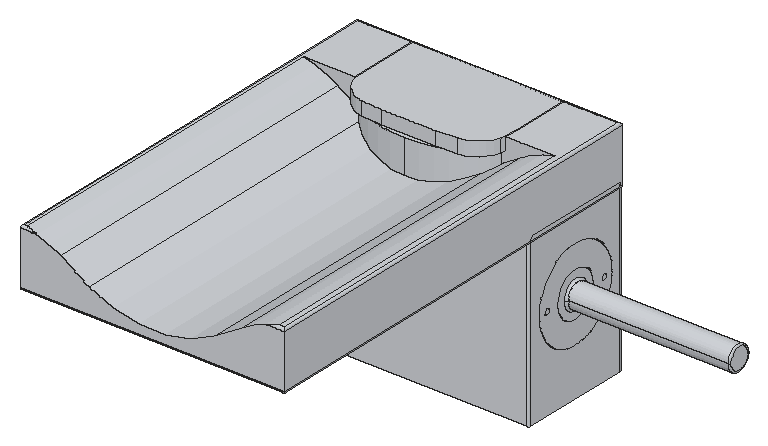
Revit family "Faucet-Lavatory-KOHLER-BEITOU-K-99856T", category Plumbing Fixtures, host Face, Revit 2017
Family settings
  Host = Face
  Round Connector Dimension = Use Diameter
  Part Type = Normal
  OmniClass Number = 23.31.11.00
  OmniClass Title = Faucets
  Cut with Voids When Loaded = No
  Shared = No
  Room Calculation Point = No
Parameters (values of type "CP-Polished Chrome")
  Width = 4.13386"  # constant formula
  WaterSense Certified = 1 = 0  # no
  Waste Water Outlet = "Waste Water Outlet"  # constant formula
  Waste Connection = 1 = 0  # no
  Vent Connection = 1 = 0  # no
  URL = "https://www.kohler.com.cn/"
  Type = 1
  Spout Reach = Length  # 5.66929"
  Product Page URL = "https://www.kohler.com.cn/product/K-99856T/K-99856T-4-CP/"
  Product Name = "BEITOU"  # constant formula
  Product Documentation Link = "https://files.kohler.com.cn/pdfs/1535448750306_99856T-4%2099858T-4.pdf"
  Pressure = 45.00 psi  # constant formula
  Model = "K-99856T-4-CP"  # constant formula
  Material = "Premium Metal Construction"  # constant formula
  Master Format 2014 Name = "Residential Faucets, Supplies, and Trim"  # constant formula
  Master Format 2014 = "22 41 39"  # constant formula
  Manufacturer Address = "Kohler Beijing Office (100016) 36-2-03-B, No. 88, Liuxiang Road, Beijing"  # constant formula
  Manufacturer = "KOHLER Co."  # constant formula
  Length = 5.66929"  # constant formula
  Hot Water Inlet = "Hot Water Inlet"  # constant formula
  Height = 3.46457"  # constant formula
  HW Connection = 1 = 1  # yes
  Flow Rate = 2.21 GPM  # constant formula
  Finish = Kohler-Metal-CP-Polished_Chrome
  Environmental Product Declaration = ""
  Drain Included = 1 = 1  # yes
  Description = "Manda Single Handle Basin Faucet"  # constant formula
  Default Elevation = 36"
  Declare Label = ""
  Date Modified = "08/26/2020"  # constant formula
  Date Created = "08/26/2020"  # constant formula
  Copyright = "Copyright KOHLER Co."  # constant formula
  Contact Us = "http://www.kohler.com.cn/contact/contact-us/"
  Cold Water Inlet = "Cold Water Inlet"  # constant formula
  CW Connection = 1 = 1  # yes
  Assembly Code = "D2010"
  ADA Compliant = 1 = 0  # no
Reference planes (in)
  plane 1 "Center (Front/Back)": y = 0
  plane 2: z = 0
  plane 3 "Center (Left/Right)": x = 0
  plane 4: z = 1.4645669
  plane 5: x = 4.6259843
  plane 6: z = 3.4645669
  plane 7: x = -2.0669291
  plane 8: x = 2.0669291
  plane 9: y = -5.6692913
  plane 10: y = 0.9055118
  plane 11: y = -0.9055118
  plane 12: x = 1.1023622
  plane 13: x = -1.1023622
Dimensions and locks (in)
  locked: plane 5 to plane 3 "Center (Left/Right)" at 4.6259843
  locked: plane 4 to level at 1.4645669
  locked: plane 9 to plane 1 "Center (Front/Back)" at 5.6692913
  locked: plane 1 "Center (Front/Back)" to plane 10 at 0.9055118
  locked: plane 11 to plane 10 at 1.8110236
  "Length": plane 1 "Center (Front/Back)" to plane 9
  "Height": plane 6 to level
  plane 10 to plane 11 = 1.81102"
  "Width": plane 7 to plane 8
  plane 6 to plane 4 = 2"
  aligned and locked: plane 2 to host face
  aligned and locked: level to host face
  aligned and locked: plane 3 "Center (Left/Right)" to nested 1
  aligned and locked: plane 1 "Center (Front/Back)" to nested 1
  aligned and locked: host face to nested 1
  aligned and locked: plane 4 to nested 1
  aligned and locked: plane 5 to nested 1
  aligned and locked: plane 6 to nested 1
  aligned and locked: plane 7 to nested 1
  aligned and locked: plane 9 to nested 1
  aligned and locked: plane 10 to nested 1
  aligned and locked: plane 12 to nested 1
Automatic sketch dimensions
  host sketch curve to host sketch curve = 96"  (x2)
Nested families (in)
  nested 1: "K-99856T" at (0, 0, -7.2795276), type "K-99856T"
Connectors (in)
  piping at (-1.1023622, 0, 0.1348041), diameter 0.5, driven by "Flow Rate", driven by "HW Connection", driven by "Hot Water Inlet", driven by "Pressure"
    settings: on nested 1, index 1, connector inside diameter 24", connector length 0", flow factor 0, pipe flow 2.21 GPM, pressure drop 45.00 psi, fitting loss kfactor 0, connector angle 0.00°, fixture units 0, engagement length 0", angle of deflection 0.00°, flow configuration 1, flow direction 1, fitting loss method 4, system type 19, joint type 0, gender type 0, connector reference index -1, connector utility 1, adjustable connector no, is connector primary yes, connector description "Hot Water Inlet"
  piping at (1.1023622, 0, 0), diameter 0.5, driven by "Flow Rate", driven by "CW Connection", driven by "Cold Water Inlet", driven by "Pressure"
    settings: on nested 1, index 2, connector inside diameter 24", connector length 0", flow factor 0, pipe flow 2.21 GPM, pressure drop 45.00 psi, fitting loss kfactor 0, connector angle 0.00°, fixture units 0, engagement length 0", angle of deflection 0.00°, flow configuration 1, flow direction 1, fitting loss method 4, system type 20, joint type 0, gender type 0, connector reference index -1, connector utility 1, adjustable connector no, is connector primary no, connector description "Cold Water Inlet"
Definition of nested family "K-99856T"
  Parameters (values of type "K-99856T")
    Material = none
  Reference planes (in)
    plane 1 "Center (Front/Back)": y = 0
    plane 2: z = 0
    plane 3 "Center (Left/Right)": x = 0
    plane 4: y = 0.9055118
    plane 5: y = -0.9055118
    plane 6: x = -2.0669291
    plane 7: x = 2.0669291
    plane 8: x = 4.6259843
    plane 9: z = 10.7440945
    plane 10: z = 8.7440945
    plane 11: y = -5.6692913
    plane 12: z = 7.2795276
    plane 13: x = -0.6108658
    plane 14: x = 0.6108658
    plane 15: x = -1.1023622
    plane 16: x = 1.1023622
  Forms (in)
    Sweep 1, solid, material <- "Material", detail levels medium+fine
      path origin (0, 0, 0) x (0, 1, 0) y (0, 0, 1)
        loop
          line (0.9055118, 7.2795276) -> (0.9055118, 9.9212598)
      profile origin (0, 0.9055118, 8.6003937) x (0, -1, 0) y (1, 0, 0)
        loop
          arc (0, -2.0275591) -> (0.0115312, -2.0553979) -> (0.0393701, -2.0669291) r 0.0393701
          line (0.0393701, -2.0669291) -> (1.7716535, -2.0669291)
          arc (1.7716535, -2.0669291) -> (1.7994924, -2.0553979) -> (1.8110236, -2.0275591) r 0.0393701
          line (1.8110236, -2.0275591) -> (1.8110236, 2.0275591)
          arc (1.8110236, 2.0275591) -> (1.7994924, 2.0553979) -> (1.7716535, 2.0669291) r 0.0393701
          line (1.7716535, 2.0669291) -> (0.0393701, 2.0669291)
          arc (0.0393701, 2.0669291) -> (0.0115312, 2.0553979) -> (0, 2.0275591) r 0.0393701
          line (0, 2.0275591) -> (0, -2.0275591)
    Sweep 2, solid, material <- "Material", detail levels medium+fine
      path origin (0, 0, 0) x (1, 0, 0) y (0, 1, 0)
        loop
          line (-2.0272385, 0.8659735) -> (-2.0272385, -5.6297874) -> (2.0272385, -5.6297874) -> (2.0272385, 0.8659735) -> (-2.0272385, 0.8659735)
      profile origin (2.0272385, -2.3819069, 0) x (1, 0, 0) y (0, 0, 1)
        loop
          line (-0.0307579, 10.7440945) -> (-0.0307579, 9.8421792) -> (0.0200009, 9.8421792)
          arc (0.0200009, 9.8421792) -> (0.0339236, 9.8479462) -> (0.0396906, 9.861869) r 0.0196898
          line (0.0396906, 9.861869) -> (0.0396906, 10.7047518)
          arc (0.0396906, 10.7047518) -> (0.0281674, 10.7325713) -> (0.0003479, 10.7440945) r 0.0393427
          line (0.0003479, 10.7440945) -> (-0.0307579, 10.7440945)
    Sweep 3, solid, material <- "Material", detail levels medium+fine
      path origin (0, 0, 0) x (0, 1, 0) y (0, 0, 1)
        loop
          circle (0.0006489, 8.740906) r 0.169298
      profile origin (0, 0.0006489, 8.9102041) x (0, 0, -1) y (1, 0, 0)
        loop
          line (0.0324208, 4.6259843) -> (0.0014478, 4.6259843)
          arc (0.0014478, 4.6259843) -> (-0.012907, 4.6200383) -> (-0.0188529, 4.6056835) r 0.0203007
          line (-0.0188529, 4.6056835) -> (-0.0188529, 2.1068724)
          arc (-0.0188529, 2.1068724) -> (-0.030552, 2.0786282) -> (-0.0587961, 2.0669291) r 0.0399432
          line (-0.0587961, 2.0669291) -> (0.0324208, 2.0669291) -> (0.0324208, 4.6259843)
    Extrusion 4, solid, material <- "Material", detail levels medium+fine
      sketch origin (0, 0, 0) x (0, 1, 0) y (0, 0, 1)
        loop
          circle (0.0006489, 8.740906) r 0.1368772
      from 2.0669291 to 4.6259843
    Extrusion 5, solid, material <- "Material", detail levels medium+fine
      sketch origin (-0.0298064, 0, 0) x (1, 0, 0) y (0, 1, 0)
        loop
          line (-1.9964806, 0.8352157) -> (-1.9964806, -5.5990295) -> (2.026287, -5.5990295) -> (2.026287, 0.8352157) -> (-1.9964806, 0.8352157)
      from 9.8421792 to 10.7440945
    Extrusion 6, void, detail levels medium+fine
      sketch origin (0, 0, -0.0544743) x (1, 0, 0) y (0, 0, 1)
        loop
          arc (-1.0037395, 10.3120449) -> (-0.0135896, 10.0485715) -> (0.9765602, 10.3120449) r 1.9922598
          arc (0.9765602, 10.3120449) -> (1.1970344, 10.444138) -> (1.4121499, 10.5847893) r 6.5420486
          arc (1.4121499, 10.5847893) -> (1.8035482, 10.7664441) -> (2.2326175, 10.8121686) r 1.3200005
          line (2.2326175, 10.8121686) -> (2.2326175, 11.0733099) -> (-2.3948685, 11.0733099) -> (-2.3948685, 10.7973172)
          arc (-2.3948685, 10.7973172) -> (-1.8966699, 10.7829033) -> (-1.4393292, 10.5847893) r 1.3200005
          arc (-1.4393292, 10.5847893) -> (-1.2242137, 10.444138) -> (-1.0037395, 10.3120449) r 6.5420486
      from 0.251129 to 6.1770874
    Extrusion 7, solid, material <- "Material", detail levels medium+fine
      sketch origin (0, 0, 0) x (1, 0, 0) y (0, 1, 0)
        loop
          arc (-1.1811024, 0) -> (-1.1803093, -0.0555895) -> (-1.1779309, -0.1111338) r 1.9487547
          arc (-1.1779309, -0.1111338) -> (-1.1678638, -0.2063706) -> (-1.1486662, -0.3001942) r 0.9926676
          arc (-1.1486662, -0.3001942) -> (-1.0019473, -0.5383407) -> (-0.7459164, -0.6509835) r 0.4700974
          arc (-0.7459164, -0.6509835) -> (-0.5834517, -0.6647108) -> (-0.4204724, -0.6692913) r 2.9017388
          line (-0.4204724, -0.6692913) -> (0.4204724, -0.6692913)
          arc (0.4204724, -0.6692913) -> (0.5841058, -0.6646739) -> (0.7472185, -0.6508363) r 2.9017388
          arc (0.7472185, -0.6508363) -> (1.0018802, -0.5388523) -> (1.1481485, -0.3022121) r 0.4685039
          arc (1.1481485, -0.3022121) -> (1.1572068, -0.2639337) -> (1.1647415, -0.2253265) r 0.9926676
          arc (1.1647415, -0.2253265) -> (1.1729905, -0.1684212) -> (1.1779309, -0.1111338) r 0.9926676
          arc (1.1779309, -0.1111338) -> (1.1803093, -0.0555895) -> (1.1811024, 0) r 1.9487547
          line (1.1811024, 0) -> (1.1811024, 0.8816998) -> (-1.1811024, 0.8816998) -> (-1.1811024, 0)
      from 10.5289738 to 10.7440945
    Extrusion 8, void, detail levels medium+fine
      sketch origin (0, 0, 0) x (1, 0, 0) y (0, 1, 0)
        loop
          line (-1.1850394, 0.8816998) -> (-1.1850394, -0.251129) -> (1.1850394, -0.251129) -> (1.1850394, 0.8816998) -> (-1.1850394, 0.8816998)
      from 10.5289738 to 10.7891431
    Extrusion 9, solid, material <- "Material", detail levels medium+fine
      sketch origin (0, 0, 0) x (1, 0, 0) y (0, 1, 0)
        loop
          spline (0, 0.4851303) -> (-0.2904072, 0.4642233) -> (-0.5610236, 0.4029269) -> (-0.7934072, 0.3054185) -> (-0.9717214, 0.1783431) -> (-1.0838144, 0.0303607) -> (-1.1220472, -0.1284441) -> (-1.0838144, -0.2872488) -> (-0.9717214, -0.4352313) -> (-0.7934072, -0.5623067) -> (-0.5610236, -0.6598151) -> (-0.2904072, -0.7211115) -> (0, -0.7420185)
          spline (0, -0.7420185) -> (0.2904072, -0.7211115) -> (0.5610236, -0.6598151) -> (0.7934072, -0.5623067) -> (0.9717214, -0.4352313) -> (1.0838144, -0.2872488) -> (1.1220472, -0.1284441) -> (1.0838144, 0.0303607) -> (0.9717214, 0.1783431) -> (0.7934072, 0.3054185) -> (0.5610236, 0.4029269) -> (0.2904072, 0.4642233) -> (0, 0.4851303)
      from 9.9212598 to 10.5289738
    Extrusion 10, void, detail levels medium+fine
      sketch origin (0, 0, 0) x (0, 1, 0) y (0, 0, 1)
        loop
          circle (-0.0005732, 8.741565) r 0.7199009
        loop
          circle (-0.0005732, 8.741565) r 0.3559253
        loop
          circle (-0.0005732, 8.741565) r 0.7120269
        loop
          circle (-0.0005732, 8.741565) r 0.3480513
      from 2.0576808 to 2.2396435
    Extrusion 11, solid, material <- "Material", detail levels medium+fine
      sketch origin (0, 0, 0) x (1, 0, 0) y (0, 1, 0)
        loop
          circle (-0.6108658, 0) r 0.0393701
        loop
          circle (0.6108658, 0) r 0.0393701
      from 7.2795276 to 7.3216678
    Extrusion 12, void
      sketch origin (0, 0, 0) x (0, 1, 0) y (0, 0, 1)
        loop
          circle (-0.557955, 8.7400852) r 0.0398
        loop
          circle (0.557955, 8.7400852) r 0.0398
      from 1.9141396 to 2.1727937
    Extrusion 13, solid, detail levels medium+fine
      sketch origin (0, 0, 0) x (0, 1, 0) y (0, 0, 1)
        loop
          circle (0.557955, 8.7400852) r 0.0398
      from 1.9141396 to 2.0669291
    Extrusion 14, solid, detail levels medium+fine
      sketch origin (0, 0, 0) x (0, 1, 0) y (0, 0, 1)
        loop
          circle (-0.557955, 8.7400852) r 0.0398
      from 1.9141396 to 2.0669291
    Extrusion 15, solid, material <- "Material", detail levels medium+fine
      sketch origin (0, 0, 0) x (1, 0, 0) y (0, 1, 0)
        loop
          circle (-1.1023622, 0) r 0.2362205
        loop
          circle (1.1023622, 0) r 0.2362205
      from 7.2795276 to 7.4143317
    Extrusion 16, solid, material <- "Material", detail levels coarse
      sketch origin (0, 0, 0) x (1, 0, 0) y (0, 0, 1)
        loop
          line (-2.0669291, 10.7440945) -> (-2.0669291, 7.2795276) -> (2.0669291, 7.2795276) -> (2.0669291, 10.7440945) -> (-2.0669291, 10.7440945)
      from -0.9055118 to 1.0168886
    Revolve 17, solid, material <- "Material", detail levels coarse
      sketch origin (0, 0, 0) x (1, 0, 0) y (0, 0, 1)
        loop
          line (4.6259843, 8.9690802) -> (1.6260551, 8.9690802) -> (1.6260551, 8.7440945) -> (4.6259843, 8.7440945) -> (4.6259843, 8.9690802)
        axis (1.6260551, 8.7440945) -> (4.6259843, 8.7440945)
      angle from 0 to 360
    Extrusion 18, solid, material <- "Material", detail levels coarse
      sketch origin (0, 0, 0) x (1, 0, 0) y (0, 0, 1)
        loop
          line (-2.0669291, 10.7440945) -> (-2.0669291, 9.8364588) -> (2.0669291, 9.8364588) -> (2.0669291, 10.7440945) -> (1.4636373, 10.7440945)
          arc (1.4636373, 10.7440945) -> (-0.0127407, 10.0532102) -> (-1.4891186, 10.7440945) r 1.9229073
          line (-1.4891186, 10.7440945) -> (-2.0669291, 10.7440945)
      from -0.9055118 to 5.669478
  Cuts and joins
    Extrusion 10, Extrusion 12 cuts Sweep 1
    Extrusion 12 cuts Sweep 3
    Extrusion 12 cuts Extrusion 4
    Extrusion 12 cuts Extrusion 11
    joined: Sweep 1, Sweep 3, Extrusion 4, Extrusion 7, Extrusion 9, Extrusion 11
    Extrusion 6, Extrusion 8 cuts Sweep 2
    Extrusion 6, Extrusion 8 cuts Extrusion 5
    joined: Sweep 2, Extrusion 5
    joined: Extrusion 16, Revolve 17, Extrusion 18
  Lines and regions (in)
    Masking region 1
      outline origin (0, 0, 0) x (1, 0, 0) y (0, 1, 0)
        loop
          arc (2.0287193, -5.6692913) -> (2.0557377, -5.6580999) -> (2.0669291, -5.6310815) r 0.0382098
          line (2.0669291, -5.6310815) -> (2.0669291, -0.2295886)
          arc (2.0669291, -0.2295886) -> (2.0788227, -0.2008749) -> (2.1075365, -0.1889813) r 0.0406073
          line (2.1075365, -0.1889813) -> (4.6049589, -0.1889813)
          arc (4.6049589, -0.1889813) -> (4.6198261, -0.1828231) -> (4.6259843, -0.1679559) r 0.0210254
          line (4.6259843, -0.1679559) -> (4.6259843, 0.1689122)
          arc (4.6259843, 0.1689122) -> (4.6201062, 0.1831032) -> (4.6059152, 0.1889813) r 0.0200691
          line (4.6059152, 0.1889813) -> (2.1080383, 0.1889813)
          arc (2.1080383, 0.1889813) -> (2.0789697, 0.2010219) -> (2.0669291, 0.2300904) r 0.0411092
          line (2.0669291, 0.2300904) -> (2.0669291, 0.8662628)
          arc (2.0669291, 0.8662628) -> (2.0554334, 0.894016) -> (2.0276801, 0.9055118) r 0.039249
          line (2.0276801, 0.9055118) -> (1.2235752, 0.9055118)
          arc (1.2235752, 0.9055118) -> (1.2010195, 0.898221) -> (1.1869987, 0.8791074) r 0.0385358
          arc (1.1869987, 0.8791074) -> (1.1794257, 0.897763) -> (1.1608426, 0.9055118) r 0.0261573
          line (1.1608426, 0.9055118) -> (-1.1608426, 0.9055118)
          arc (-1.1608426, 0.9055118) -> (-1.1794257, 0.897763) -> (-1.1869987, 0.8791074) r 0.0261573
          arc (-1.1869987, 0.8791074) -> (-1.2010195, 0.898221) -> (-1.2235752, 0.9055118) r 0.0385358
          line (-1.2235752, 0.9055118) -> (-2.0283935, 0.9055118)
          arc (-2.0283935, 0.9055118) -> (-2.0556423, 0.894225) -> (-2.0669291, 0.8669762) r 0.0385356
          line (-2.0669291, 0.8669762) -> (-2.0669291, -5.6295987)
          arc (-2.0669291, -5.6295987) -> (-2.0553034, -5.6576656) -> (-2.0272365, -5.6692913) r 0.0396927
          line (-2.0272365, -5.6692913) -> (2.0287193, -5.6692913)
    Masking region 2
      outline origin (0, 0, 0) x (0, 1, 0) y (0, 0, 1)
        loop
          line (0.9055118, 7.2795276) -> (0.9055118, 9.8181802)
          arc (0.9055118, 9.8181802) -> (0.8995361, 9.8326069) -> (0.8852902, 9.8385827) r 0.0204025
          arc (0.8852902, 9.8385827) -> (0.899589, 9.8445054) -> (0.9055118, 9.8588043) r 0.0202216
          line (0.9055118, 9.8588043) -> (0.9055118, 10.7029794)
          arc (0.9055118, 10.7029794) -> (0.8934695, 10.7320522) -> (0.8643967, 10.7440945) r 0.0411151
          line (0.8643967, 10.7440945) -> (-5.6292231, 10.7440945)
          arc (-5.6292231, 10.7440945) -> (-5.6575556, 10.7323588) -> (-5.6692913, 10.7040262) r 0.0400683
          line (-5.6692913, 10.7040262) -> (-5.6692913, 9.859204)
          arc (-5.6692913, 9.859204) -> (-5.6632515, 9.8446225) -> (-5.6486701, 9.8385827) r 0.0206213
          line (-5.6486701, 9.8385827) -> (-0.8858268, 9.8385827)
          arc (-0.8858268, 9.8385827) -> (-0.8997462, 9.8328171) -> (-0.9055118, 9.8188976) r 0.019685
          line (-0.9055118, 9.8188976) -> (-0.9055118, 7.2795276) -> (0.9055118, 7.2795276)
    Masking region 3
      outline origin (0, 0, 0) x (1, 0, 0) y (0, 0, 1)
        loop
          line (-2.0669291, 10.7058523) -> (-2.0669291, 9.8585933)
          arc (-2.0669291, 9.8585933) -> (-2.0610682, 9.8444437) -> (-2.0469185, 9.8385827) r 0.0200106
          arc (-2.0469185, 9.8385827) -> (-2.0610013, 9.8326548) -> (-2.0669291, 9.8183438) r 0.0202389
          line (-2.0669291, 9.8183438) -> (-2.0669291, 7.2795276) -> (2.0669291, 7.2795276) -> (2.0669291, 8.5124717)
          arc (2.0669291, 8.5124717) -> (2.0782944, 8.53991) -> (2.1057327, 8.5512753) r 0.0388036
          line (2.1057327, 8.5512753) -> (4.6058685, 8.5512753)
          arc (4.6058685, 8.5512753) -> (4.6200925, 8.5571671) -> (4.6259843, 8.5713911) r 0.0201158
          line (4.6259843, 8.5713911) -> (4.6259843, 8.9083523)
          arc (4.6259843, 8.9083523) -> (4.6199251, 8.9229804) -> (4.6052969, 8.9290396) r 0.0206874
          line (4.6052969, 8.9290396) -> (2.1069697, 8.9290396)
          arc (2.1069697, 8.9290396) -> (2.0786567, 8.9407672) -> (2.0669291, 8.9690802) r 0.0400406
          line (2.0669291, 8.9690802) -> (2.0669291, 9.8183438)
          arc (2.0669291, 9.8183438) -> (2.0610013, 9.8326548) -> (2.0466902, 9.8385827) r 0.0202389
          arc (2.0466902, 9.8385827) -> (2.0610682, 9.8444437) -> (2.0669291, 9.8585933) r 0.0200106
          line (2.0669291, 9.8585933) -> (2.0669291, 10.7047244)
          arc (2.0669291, 10.7047244) -> (2.0553979, 10.7325633) -> (2.0275591, 10.7440945) r 0.0393701
          line (2.0275591, 10.7440945) -> (1.2160697, 10.7440945) -> (1.2160697, 10.6929134) -> (1.1811024, 10.6929134) -> (1.1811024, 10.7440945) -> (-1.1811024, 10.7440945) -> (-1.1811024, 10.6929134) -> (-1.2160697, 10.6929134) -> (-1.2160697, 10.7440945) -> (-2.028687, 10.7440945)
          arc (-2.028687, 10.7440945) -> (-2.0557283, 10.7328936) -> (-2.0669291, 10.7058523) r 0.0382422
    symbolic lines, detail levels medium+fine
      curve 1: line (2.0669291, 0.8662628, 0) -> (1.1848824, 0.8661417, 0)
      curve 2: line (2.0276801, 0.9055118, 0) -> (2.0287193, -5.6692913, 0)
      curve 3: line (-2.0669291, -5.6295987, 0) -> (2.0669291, -5.6310815, 0)
      curve 4: line (-2.0272365, 0.9055118, 0) -> (-2.0272365, -5.6692913, 0)
      curve 5: line (-1.1811024, 0, 0) -> (-1.1811024, 0.8661417, 0)
      curve 6: line (1.1811024, 0, 0) -> (1.1811024, 0.8661417, 0)
      curve 7: line (-1.1848824, 0.8661417, 0) -> (-2.0669201, 0.8661417, 0)
      curve 8: arc (-1.1869987, 0.8791074, 0) -> (-1.1853269, 0.8727248, 0) -> (-1.1848824, 0.8661417, 0) r 0.0350071
      curve 9: line (1.1811024, 0.8661417, 0) -> (-1.1811024, 0.8661417, 0)
      curve 10: arc (1.1869987, 0.8791074, 0) -> (1.1853269, 0.8727248, 0) -> (1.1848824, 0.8661417, 0) r 0.0350071
      curve 11: arc (-1.1811024, 0, 0) -> (-1.1803093, -0.0555895, 0) -> (-1.1779309, -0.1111338, 0) r 1.9487547
      curve 12: arc (-1.1779309, -0.1111338, 0) -> (-1.1678638, -0.2063706, 0) -> (-1.1486662, -0.3001942, 0) r 0.9926676
      curve 13: arc (-1.1486662, -0.3001942, 0) -> (-1.0019473, -0.5383407, 0) -> (-0.7459164, -0.6509835, 0) r 0.4700974
      curve 14: arc (-0.7459164, -0.6509835, 0) -> (-0.5834517, -0.6647108, 0) -> (-0.4204724, -0.6692913, 0) r 2.9017388
      curve 15: line (-0.4204724, -0.6692913, 0) -> (0.4204724, -0.6692913, 0)
      curve 16: arc (0.4204724, -0.6692913, 0) -> (0.5841058, -0.6646739, 0) -> (0.7472185, -0.6508363, 0) r 2.9017388
      curve 17: arc (0.7472185, -0.6508363, 0) -> (1.0018802, -0.5388523, 0) -> (1.1481485, -0.3022121, 0) r 0.4685039
      curve 18: arc (1.1481485, -0.3022121, 0) -> (1.1572068, -0.2639337, 0) -> (1.1647415, -0.2253265, 0) r 0.9926676
      curve 19: arc (1.1647415, -0.2253265, 0) -> (1.1729905, -0.1684212, 0) -> (1.1779309, -0.1111338, 0) r 0.9926676
      curve 20: arc (1.1779309, -0.1111338, 0) -> (1.1803093, -0.0555895, 0) -> (1.1811024, 0, 0) r 1.9487547
      curve 21: arc (-1.1295936, -0.2953224, 0) -> (-0.9890184, -0.5234967, 0) -> (-0.7437087, -0.6314227, 0) r 0.4504123
      curve 22: arc (-1.1582779, -0.1100112, 0) -> (-1.1484104, -0.2033594, 0) -> (-1.1295936, -0.2953224, 0) r 0.9729825
      curve 23: arc (-1.1614173, 0, 0) -> (-1.1606323, -0.055028, 0) -> (-1.1582779, -0.1100112, 0) r 1.9290697
      curve 24: arc (-0.7437087, -0.6314227, 0) -> (-0.5823461, -0.6450568, 0) -> (-0.4204724, -0.6496063, 0) r 2.8820538
      curve 25: line (-0.4204724, -0.6496063, 0) -> (0.4204724, -0.6496063, 0)
      curve 26: arc (0.4204724, -0.6496063, 0) -> (0.5829958, -0.6450202, 0) -> (0.7450019, -0.6312764, 0) r 2.8820538
      curve 27: arc (0.7450019, -0.6312764, 0) -> (0.9889635, -0.5239977, 0) -> (1.1290861, -0.2973004, 0) r 0.4488189
      curve 28: arc (1.1290861, -0.2973004, 0) -> (1.1379648, -0.259781, 0) -> (1.14535, -0.2219394, 0) r 0.9729825
      curve 29: arc (1.1582779, -0.1100112, 0) -> (1.1606323, -0.055028, 0) -> (1.1614173, 0, 0) r 1.9290697
      curve 30: arc (1.14535, -0.2219394, 0) -> (1.1534355, -0.1661626, 0) -> (1.1582779, -0.1100112, 0) r 0.9729825
      curve 31: line (-1.1614173, 0, 0) -> (-1.1614173, 0.8661417, 0)
      curve 32: line (1.1614173, 0, 0) -> (1.1614173, 0.8661417, 0)
      curve 33: arc (-0.4789141, -0.6687028, 0) -> (0, -0.7289998, 0) -> (0.4789141, -0.6687028, 0) r 1.9320565
      curve 34: line (2.0669291, 0.2300904, 0) -> (2.0669291, -0.2295886, 0)
      curve 35: line (2.1080383, -0.1889844, 0) -> (2.1080383, 0.1889813, 0)
      curve 36: line (4.6049589, 0.1889585, 0) -> (4.6049589, -0.1889813, 0)
      curve 37: line (0, -5.6299213, 9.8582681) -> (0, 0.8661417, 9.8582681)
      curve 38: line (0, -5.6299213, 10.7007851) -> (0, -5.6299213, 9.8582681)
      curve 39: line (0, 0.8661417, 10.7007849) -> (0, -5.6299213, 10.7007851)
      curve 40: line (0, 0.8661417, 10.7007849) -> (0, 0.8661417, 9.8181802)
      curve 41: line (0, 0.8661417, 9.8181802) -> (0, 0.8661417, 7.2795276)
      curve 42: line (0, 0.8661417, 9.8181802) -> (0, -0.8661417, 9.8181802)
      curve 43: line (0, -0.8661417, 7.2795276) -> (0, -0.8661417, 9.8385827)
      curve 44: line (0, -0.9055118, 9.8385827) -> (0, 0.8852902, 9.8385827)
      curve 45: line (0, 0.8661417, 9.8582681) -> (0, 0.9055118, 9.8582681)
      curve 46: line (0, 0.8661417, 9.8181802) -> (0, 0.9055118, 9.8181802)
      curve 47: line (0, -0.8661417, 9.8181802) -> (0, -0.9054987, 9.8181802)
      curve 48: line (0, 0.8661417, 10.7007849) -> (0, 0.8661417, 10.7440574)
      curve 49: line (0, 0.8661417, 10.7007849) -> (0, 0.9055118, 10.7007849)
      curve 50: line (0, -5.6299213, 10.7007851) -> (0, -5.6692913, 10.7007851)
      curve 51: line (0, -5.6299213, 10.7007851) -> (0, -5.6299213, 10.7440945)
      curve 52: line (0, -5.6299213, 9.8582681) -> (0, -5.6692913, 9.8582681)
      curve 53: line (0, -5.6299213, 9.872047) -> (0, -5.6299213, 9.8385827)
      curve 54: line (-2.027559, 0, 10.7007869) -> (-2.0275591, 0, 9.8385827)
      curve 55: line (-2.0490082, 0, 9.8385827) -> (2.048135, 0, 9.8385827)
      curve 56: line (2.0669265, 0, 9.8582677) -> (-2.0669265, 0, 9.8582677)
      curve 57: line (-2.0669216, 0, 9.8188976) -> (2.0669216, 0, 9.8188976)
      curve 58: line (2.0275591, 0, 10.7007869) -> (2.0275591, 0, 9.8385827)
      curve 59: line (2.0275591, 0, 9.8385827) -> (2.0275591, 0, 7.2795276)
      curve 60: line (-2.0275591, 0, 7.2795276) -> (-2.0275591, 0, 9.8385827)
      curve 61: line (4.6064501, 0, 8.9289677) -> (4.6064501, 0, 8.551369)
      curve 62: line (2.1058731, 0, 8.9291876) -> (2.1058731, 0, 8.5511548)
      curve 63: line (2.0669291, 0, 8.9690802) -> (2.0669291, 0, 8.5124717)
      curve 64: arc (-1.1682401, 0, 10.7440945) -> (-1.0961611, 0, 10.7113343) -> (-1.0187542, 0, 10.6946973) r 0.3691581
      curve 65: arc (-1.1811024, 0, 10.7204724) -> (-1.1187227, 0, 10.6925207) -> (-1.0518269, 0, 10.6784683) r 0.319715
      curve 66: arc (-1.0187542, 0, 10.6946973) -> (-0.8744744, 0, 10.676879) -> (-0.7292944, 0, 10.6693331) r 2.0495079
      curve 67: arc (-1.0518269, 0, 10.6784683) -> (-0.9244501, 0, 10.6616996) -> (-0.7962799, 0, 10.6528416) r 2.0761384
      curve 68: line (0.4204724, 0, 10.6648556) -> (-0.4204724, 0, 10.6648556)
      curve 69: line (0.4204724, 0, 10.6456297) -> (-0.4204724, 0, 10.6456297)
      curve 70: arc (-0.7292944, 0, 10.6693331) -> (-0.5748856, 0, 10.6669432) -> (-0.4204724, 0, 10.6648556) r 78.8650377
      curve 71: arc (-0.7962799, 0, 10.6528416) -> (-0.6084102, 0, 10.647463) -> (-0.4204724, 0, 10.6456297) r 9.9615753
      curve 72: line (-1.1811024, 0, 10.6210639) -> (-1.1811024, 0, 10.7204724)
      curve 73: line (-1.1702746, 0, 10.6102362) -> (1.1697209, 0, 10.6102362)
      curve 74: line (1.1811024, 0, 10.6216177) -> (1.1811024, 0, 10.7204724)
      curve 75: arc (1.1697209, 0, 10.6102362) -> (1.1777688, 0, 10.6135698) -> (1.1811024, 0, 10.6216177) r 0.0113815
      curve 76: arc (-1.1702746, 0, 10.6102362) -> (-1.177931, 0, 10.6134076) -> (-1.1811024, 0, 10.6210639) r 0.0108277
      curve 77: arc (-1.0818355, 0, 10.6102362) -> (-1.0487457, 0, 10.4631744) -> (-0.9532315, 0, 10.346559) r 0.327156
      curve 78: arc (-0.3551517, 0, 10.1928355) -> (0.0071668, 0, 10.1876152) -> (0.3694853, 0, 10.1928355) r 12.5762126
      curve 79: arc (-0.9532315, 0, 10.346559) -> (-0.925478, 0, 10.3278435) -> (-0.8957208, 0, 10.3125125) r 0.2849013
      curve 80: arc (-0.8957208, 0, 10.3125125) -> (-0.7656648, 0, 10.2623069) -> (-0.6313541, 0, 10.2249462) r 1.4363101
      curve 81: arc (-0.6313541, 0, 10.2249462) -> (-0.6166197, 0, 10.2216989) -> (-0.6018483, 0, 10.2186238) r 1.2927477
      curve 82: arc (-0.6018483, 0, 10.2186238) -> (-0.4791146, 0, 10.1998502) -> (-0.3551517, 0, 10.1928355) r 1.3039103
      curve 83: arc (-2.027559, 0, 10.7404089) -> (-1.8423158, 0, 10.7117947) -> (-1.6654841, 0, 10.6496307) r 1.0157736
      curve 84: arc (-2.027559, 0, 10.7007869) -> (-1.8165597, 0, 10.6656566) -> (-1.619006, 0, 10.5836362) r 0.9379858
      curve 85: arc (-1.6654841, 0, 10.6496307) -> (-1.5107749, 0, 10.56992) -> (-1.3639142, 0, 10.4765354) r 1.9211122
      curve 86: arc (-1.3639142, 0, 10.4765354) -> (-1.165333, 0, 10.3431156) -> (-0.9615509, 0, 10.2177833) r 5.9524026
      curve 87: arc (-0.9615509, 0, 10.2177833) -> (-0.8231552, 0, 10.1462124) -> (-0.6778478, 0, 10.089985) r 1.4425518
      curve 88: arc (-1.619006, 0, 10.5836362) -> (-1.4191844, 0, 10.4662936) -> (-1.2250172, 0, 10.3398142) r 4.9975336
      curve 89: arc (-1.2250172, 0, 10.3398142) -> (-1.0755604, 0, 10.2428901) -> (-0.9214078, 0, 10.1536228) r 3.5327637
      curve 90: arc (-0.9214078, 0, 10.1536228) -> (-0.7601076, 0, 10.0775809) -> (-0.5909599, 0, 10.0211082) r 1.5082541
      curve 91: arc (1.1682401, 0, 10.7440945) -> (1.0961611, 0, 10.7113343) -> (1.0187542, 0, 10.6946973) r 0.3691581
      curve 92: arc (1.1811024, 0, 10.7204724) -> (1.1187227, 0, 10.6925207) -> (1.0518269, 0, 10.6784683) r 0.319715
      curve 93: arc (1.0187542, 0, 10.6946973) -> (0.8744744, 0, 10.676879) -> (0.7292944, 0, 10.6693331) r 2.0495079
      curve 94: arc (1.0518269, 0, 10.6784683) -> (0.9244501, 0, 10.6616996) -> (0.7962799, 0, 10.6528416) r 2.0761384
      curve 95: arc (0.7292944, 0, 10.6693331) -> (0.5748856, 0, 10.6669432) -> (0.4204724, 0, 10.6648556) r 78.8650377
      curve 96: arc (0.7962799, 0, 10.6528416) -> (0.6084102, 0, 10.647463) -> (0.4204724, 0, 10.6456297) r 9.9615753
      curve 97: arc (1.0818355, 0, 10.6102362) -> (1.0487457, 0, 10.4631744) -> (0.9532315, 0, 10.346559) r 0.327156
      curve 98: arc (0.9532315, 0, 10.346559) -> (0.925478, 0, 10.3278435) -> (0.8957208, 0, 10.3125125) r 0.2849013
      curve 99: arc (0.8957208, 0, 10.3125125) -> (0.7624208, 0, 10.2612366) -> (0.6246875, 0, 10.2234528) r 1.4363101
      curve 100: arc (0.6246875, 0, 10.2234528) -> (0.4907179, 0, 10.2011157) -> (0.3551517, 0, 10.1928355) r 1.3039103
      curve 101: arc (2.0275591, 0, 10.7404089) -> (1.8423158, 0, 10.7117947) -> (1.6654841, 0, 10.6496307) r 1.0157736
      curve 102: arc (2.0669291, 0, 10.701957) -> (1.8355475, 0, 10.6708862) -> (1.619006, 0, 10.5836362) r 0.9379858
      curve 103: arc (1.6654841, 0, 10.6496307) -> (1.5107749, 0, 10.56992) -> (1.3639142, 0, 10.4765354) r 1.9211122
      curve 104: arc (1.3639142, 0, 10.4765354) -> (1.165333, 0, 10.3431156) -> (0.9615509, 0, 10.2177833) r 5.9524026
      curve 105: arc (0.9615509, 0, 10.2177833) -> (0.8231552, 0, 10.1462124) -> (0.6778478, 0, 10.089985) r 1.4425518
      curve 106: arc (1.619006, 0, 10.5836362) -> (1.4191844, 0, 10.4662936) -> (1.2250172, 0, 10.3398142) r 4.9975336
      curve 107: arc (1.2250172, 0, 10.3398142) -> (1.0755604, 0, 10.2428901) -> (0.9214078, 0, 10.1536228) r 3.5327637
      curve 108: arc (0.9214078, 0, 10.1536228) -> (0.7601076, 0, 10.0775809) -> (0.5909599, 0, 10.0211082) r 1.5082541
      curve 109: arc (-0.5909599, 0, 10.0211082) -> (-0.416242, 0, 9.9792089) -> (-0.2394712, 0, 9.9470528) r 3.242106
      curve 110: arc (0.5909599, 0, 10.0211082) -> (0.416242, 0, 9.9792089) -> (0.2394712, 0, 9.9470528) r 3.242106
      curve 111: arc (-0.2394712, 0, 9.9470528) -> (0, 0, 9.9287903) -> (0.2394712, 0, 9.9470528) r 1.579197
      curve 112: arc (-0.6778478, 0, 10.089985) -> (-0.5134181, 0, 10.0432708) -> (-0.3458907, 0, 10.0093017) r 2.2277261
      curve 113: arc (0.6778478, 0, 10.089985) -> (0.5134181, 0, 10.0432708) -> (0.3458907, 0, 10.0093017) r 2.2277261
      curve 114: arc (-0.3458907, 0, 10.0093017) -> (0, 0, 9.9812789) -> (0.3458907, 0, 10.0093017) r 2.1487063
      curve 115: line (-0.9306131, 0, 10.6102362) -> (-0.9306131, 0, 10.3309571)
      curve 116: line (-0.7731328, 0, 10.6102362) -> (-0.7731328, 0, 10.2648032)
      curve 117: line (-0.6156524, 0, 10.6102362) -> (-0.6156524, 0, 10.2214914)
      curve 118: line (-0.4581721, 0, 10.6102362) -> (-0.4581721, 0, 10.1978317)
      curve 119: line (-0.3006918, 0, 10.6102362) -> (-0.3006918, 0, 10.1913839)
      curve 120: line (-0.1432115, 0, 10.6102362) -> (-0.1432115, 0, 10.1885143)
      curve 121: line (0.9306131, 0, 10.6102362) -> (0.9306131, 0, 10.3309571)
      curve 122: line (0.7731328, 0, 10.6102362) -> (0.7731328, 0, 10.2648032)
      curve 123: line (0.6156524, 0, 10.6102362) -> (0.6156524, 0, 10.2214818)
      curve 124: line (0.4581721, 0, 10.6102362) -> (0.4581721, 0, 10.1978317)
      curve 125: line (0.3006918, 0, 10.6102362) -> (0.3006918, 0, 10.1910411)
      curve 126: line (0.1432115, 0, 10.6102362) -> (0.1432115, 0, 10.1883511)
      curve 127: line (-1.0487457, 0, 10.4631744) -> (1.0487457, 0, 10.4631744)
      curve 128: line (-0.0002769, 0, 10.6102362) -> (-0.0002769, 0, 10.1876174)
      curve 129: line (-2.027559, 0, 10.7007869) -> (-2.0669291, 0, 10.7007869)
      curve 130: line (-2.027559, 0, 10.7007869) -> (-2.027559, 0, 10.7440945)
      curve 131: line (2.0275591, 0, 10.7007869) -> (2.0275591, 0, 10.7440945)
      curve 132: circle (0, -0.0005732, 8.741565) r 0.7199009 normal (1, 0, 0)
      curve 133: circle (0, -0.0005732, 8.741565) r 0.7120269 normal (1, 0, 0)
      curve 134: circle (0, -0.0005732, 8.741565) r 0.3559253 normal (1, 0, 0)
      curve 135: circle (0, -0.0005732, 8.741565) r 0.3480513 normal (1, 0, 0)
      curve 136: circle (0, -0.0005732, 8.741565) r 0.186987 normal (1, 0, 0)
      curve 137: circle (0, 0.557955, 8.7400852) r 0.0398 normal (1, 0, 0)
      curve 138: circle (0, -0.557955, 8.7400852) r 0.0398 normal (1, 0, 0)
  Dimensions and locks (in)
    plane 1 "Center (Front/Back)" to plane 11 = 5.66929"
    locked: plane 9 to plane 12 at 3.4645669  (x2)
    locked: plane 4 to plane 5 at 1.8110236
    locked: plane 1 "Center (Front/Back)" to plane 5 at 0.9055118
    locked: plane 7 to plane 6 at 4.1338583
    locked: plane 8 to plane 3 "Center (Left/Right)" at 4.6259843
    locked: plane 10 to plane 12 at 1.4645669
    locked: plane 12 to level at 7.2795276
    locked: plane 5 to plane 4 at 1.8110236
    locked: plane 11 to plane 1 "Center (Front/Back)" at 5.6692913
    aligned and locked: plane 2 to level
